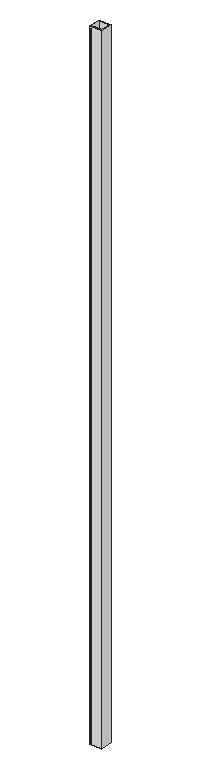
Revit family "角パイプ19×19×1.6", category 機械設備, Revit 2020
Family settings
  丸型コネクタ寸法 = 直径を使用
  種別 = なし
  パーツ タイプ = 標準
  作業面ベース = いいえ
  常に垂直 = はい
  ロード時にボイドで切り取り = いいえ
  共有 = いいえ
  部屋計算ポイント = いいえ
Parameters
  製造元 = "株式会社桐井製作所"
  既定の高さ = 0 mm
  URL = "https://www.kirii.co.jp/"
  K_長さ(mm) [instance] = 1000 mm
  K_材質 = "SGCC一般用　SGC340~570高強度一般用　SGHC一般用"
  K_材料規格 = "19×19×1.6"
  K_品名 = "角パイプ19×19×1.6"
  K_名称 = "圧縮補強材"
  K_バージョン情報 = "20210714"
  K_めっき付着量 = "Z12"
  K_JIS規格 = "JIS G 3302"
Reference planes
  plane 1 "中心(正面/背面)": y = 0
  plane 2: z = 0
  plane 3 "中心(左/右)": x = 0
  plane 4: x = 9.5
  plane 5: x = -9.5
  plane 6: z = 1000
Forms (mm)
  Extrusion 1, solid
    sketch origin (0, 0, 0) x (1, 0, 0) y (0, 1, 0)
      loop
        line (-9.5, -9.5) -> (9.5, -9.5) -> (9.5, 9.5) -> (-9.5, 9.5) -> (-9.5, -9.5)
      loop
        line (-7.9, -7.9) -> (7.9, -7.9) -> (7.9, 7.9) -> (-7.9, 7.9) -> (-7.9, -7.9)
    from 0 to 1000
Dimensions and locks
  "K_長さ(mm)": plane 6 to plane 2
  aligned and locked: level to plane 2
  aligned and locked: plane 6 to Extrusion 1
  aligned and locked: plane 5 to Extrusion 1
  aligned and locked: plane 4 to Extrusion 1
Automatic sketch dimensions
  Extrusion 1 sketch curve to plane 5 = 0 mm
  Extrusion 1 sketch curve to plane 4 = 0 mm
  plane 5 to Extrusion 1 sketch curve = 1.6 mm
  Extrusion 1 sketch curve to plane 4 = 1.6 mm
  plane 1 "中心(正面/背面)" to Extrusion 1 sketch curve = 9.5 mm
  Extrusion 1 sketch curve to Extrusion 1 sketch curve = 1.6 mm  (x2)
  Extrusion 1 sketch curve to plane 1 "中心(正面/背面)" = 7.9 mm
